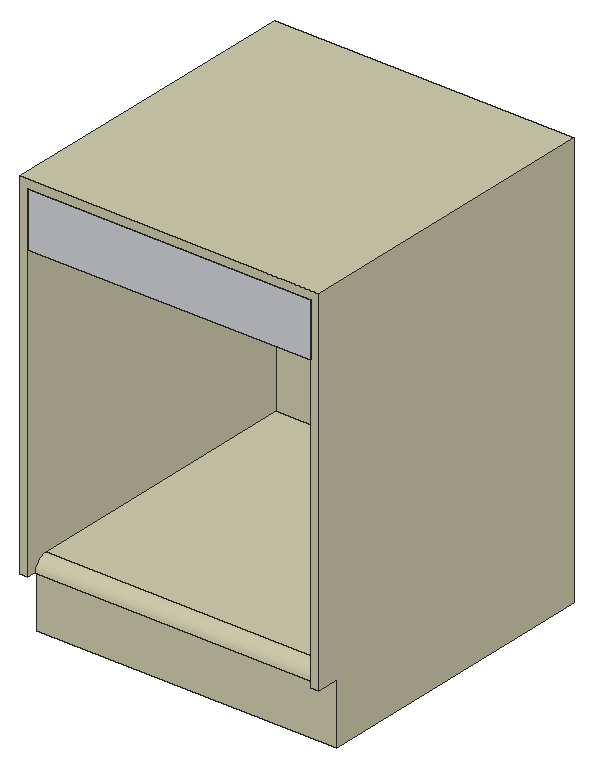
Revit family "Wenger Cabinet 53", category Furniture, Revit 2011
Parameters (values of type "Standard Cabinet #53")
  URL = "http://www.wengercorp.com/Home/Contact.html"
  Toekick Material [instance] = none
  RH End Panel [instance] = no
  Model = "53"
  Manufacturer = "Wenger Corporation"
  LH End Panel [instance] = no
  End Panel Material [instance] = none
  Edge Banding Material [instance] = none
  Door Material [instance] = none
  Description = "Standard Cabinet #53"
  Cabinet Width = 2' - 3 1/2"
  Cabinet Label = Labels : Standard
  Cabinet Height = 3' - 2 5/16"
  Cabinet Depth = 2' - 5 1/4"
  Cabinet Back Thickness = 0' - 0 3/4"
  Assembly Code = ""
Types (4): name | Model | Description | Cabinet Width | Cabinet Label | Cabinet Depth | Cabinet Back Thickness
  Standard Cabinet #53 | "53" | "Standard Cabinet #53" | 2' - 3 1/2" | Labels : Standard | 2' - 5 1/4" | 0' - 0 3/4"
  Acoustic Cabinet #53 | "53A" | "Acoustic Cabinet #53" | 2' - 3 1/2" | Labels : Acoustic | 2' - 7 3/4" | 0' - 3 1/4"
  Narrow Acoustic Cabinet #53 | "53NA" | "Narrow Acoustic Cabinet #53" | 1' - 9 1/2" | Labels : Narrow Acoustic | 2' - 7 3/4" | 0' - 3 1/4"
  Narrow Cabinet #53 | "53N" | "Narrow Cabinet #53" | 1' - 9 1/2" | Labels : Narrow | 2' - 5 1/4" | 0' - 0 3/4"
Reference planes (in)
  plane 1 "Front": y = 0
  plane 2: z = 0
  plane 3 "Left": x = 0
  plane 4 "Right": x = 27.5
  plane 5 "Back": y = 29.25
  plane 6 "Top": z = 38.3125
  plane 7: z = 5.625
  plane 8: x = 0.75
  plane 9: x = 26.75
  plane 10: z = 37.5625
  plane 11: y = 28.5
  plane 12: y = 2
  plane 13: y = 0.75
  plane 14: z = 32.5625
  plane 15: z = 6.75
Forms (in)
  Extrusion 1, solid, material "Wenger - Oyster"
    sketch origin (0, 0, 0) x (0, 1, 0) y (0, 0, 1)
      loop
        line (0, 38.3125) -> (0, 5.625) -> (2, 5.625) -> (2, 0) -> (29.25, 0) -> (29.25, 38.3125) -> (0, 38.3125)
    from 0 to 27.5
  Extrusion 2, void
    sketch origin (0, 0, 0) x (0, 1, 0) y (0, 0, 1)
      loop
        line (-5.5, 37.5625) -> (-5.5, 5.625) -> (0.75, 5.625)
        arc (0.75, 5.625) -> (1.18296, 6.40088) -> (2, 6.75) r 1.375
        line (2, 6.75) -> (28.5, 6.75) -> (28.5, 37.5625) -> (-5.5, 37.5625)
    from 0.75 to 26.75
  Extrusion 3, solid
    sketch origin (0, 0, 0) x (1, 0, 0) y (0, 0, 1)
      loop
        line (0.75, 37.5625) -> (0.75, 32.5625) -> (26.75, 32.5625) -> (26.75, 37.5625) -> (0.75, 37.5625)
    from 0 to -0.75
Cuts and joins
  Extrusion 2 cuts Extrusion 1
Lines and regions (in)
  symbolic lines
    curve 1: line (0, 29.25, 0) -> (27.5, 29.25, 0)
    curve 2: line (0, 0, 0) -> (0, 29.25, 0)
    curve 3: line (27.5, 0, 0) -> (0, 0, 0)
    curve 4: line (27.5, 29.25, 0) -> (27.5, 0, 0)
Dimensions and locks (in)
  locked: plane 3 "Left" to plane 8 at 0.75
  locked: plane 9 to plane 4 "Right" at 0.75
  "Cabinet Back Thickness": plane 5 "Back" to plane 11
  locked: plane 1 "Front" to plane 13 at 0.75
  locked: plane 1 "Front" to plane 12 at 2
  locked: plane 6 "Top" to plane 10 at 0.75
  plane 10 to plane 7 = 2' - 7 15/16"  (x2)
  locked: plane 15 to plane 7 at 1.125
  plane 9 to plane 3 "Left" = 2' - 2 3/4"
  "Cabinet Width": plane 3 "Left" to plane 4 "Right"
  locked: plane 7 to level at 5.625
  "Cabinet Height": plane 6 "Top" to level
  "Cabinet Depth": plane 1 "Front" to plane 5 "Back"
  plane 8 to plane 9 = 2' - 2"
  plane 10 to plane 14 = 0' - 5"
  aligned and locked: Extrusion 1 sketch curve to plane 6 "Top"
  aligned and locked: Extrusion 1 sketch curve to plane 5 "Back"
  aligned and locked: Extrusion 1 sketch curve to plane 1 "Front"
  aligned and locked: Extrusion 1 sketch curve to plane 7
  aligned and locked: Extrusion 1 sketch curve to plane 12
  aligned and locked: Extrusion 1 sketch curve to level
  aligned and locked: Extrusion 1 to plane 4 "Right"
  aligned and locked: Extrusion 1 to plane 3 "Left"
  aligned and locked: Extrusion 2 sketch curve to plane 10
  aligned and locked: Extrusion 2 sketch curve to plane 15
  aligned and locked: Extrusion 2 to plane 8
  aligned and locked: plane 3 "Left" to curve 2
  aligned and locked: curve 1 to plane 5 "Back"
  aligned and locked: plane 4 "Right" to curve 4
  aligned and locked: curve 3 to plane 1 "Front"
  aligned and locked: Extrusion 2 to plane 9
Automatic sketch dimensions
  Extrusion 2 sketch curve to plane 7 = 0' - 0"
  Extrusion 2 sketch curve to plane 13 = 0' - 0"
  Extrusion 2 sketch curve to plane 12 = 0' - 0"
  Extrusion 2 sketch curve to plane 11 = 0' - 0"
  plane 1 "Front" to Extrusion 2 sketch curve = 0' - 5 1/2"
  Extrusion 2 sketch curve to plane 12 = 0' - 0.10279"
  Extrusion 3 sketch curve to plane 8 = 0' - 0"
  plane 9 to Extrusion 3 sketch curve = 0' - 0"
  Extrusion 3 sketch curve to plane 14 = 0' - 0"
  Extrusion 3 sketch curve to plane 10 = 0' - 0"
Nested families (in)
  nested 1: "LH End Panel" at (0, 14.25, 0) x (0, -1, 0) z (0, 0, 1), End Panel Material <- "End Panel Material", visible <- "LH End Panel", Edge Banding Material <- "Edge Banding Material", type "20x84 LH"
    with End Panel Material none, Edge Banding Material none, End Panel Height 3' - 2 5/16", End Panel Depth 2' - 5 1/4"
  nested 2: "RH End Panel" at (28.25, 14.25, 0) x (0, -1, 0) z (0, 0, 1), End Panel Material <- "End Panel Material", visible <- "RH End Panel", Edge Banding Material <- "Edge Banding Material", type "20x84 RH"
    with End Panel Material none, Edge Banding Material none, End Panel Height 3' - 2 5/16", End Panel Depth 2' - 5 1/4"
  nested 3: "Labels" at (11.09076, 13.82308, 0), type <- "Cabinet Label", type "Standard"
  nested 4: "Front Note" at (13.75, 0.75, 0), type "Front Note", detail levels medium+fine
Definition of nested family "LH End Panel"
  Parameters (values of type "20x84 LH")
    End Panel Material [instance] = none
    End Panel Height = 7' - 1 5/8"
    End Panel Depth = 1' - 7 1/4"
    Edge Banding Material [instance] = none
    Default Elevation = 4' - 0"
    Assembly Code = ""
  Reference planes (in)
    plane 1 "Center (Front/Back)": y = 0
    plane 2: z = 0
    plane 3 "Center (Left/Right)": x = 0
    plane 4: x = -15
    plane 5: x = 4.25
    plane 6: z = 5.625
    plane 7: x = 2.25
    plane 8: z = 85.625
    plane 9: y = -0.75
  Forms (in)
    Extrusion 1, solid, material <- "End Panel Material"
      sketch origin (0, 0, 0) x (1, 0, 0) y (0, 0, 1)
        loop
          line (-15, 85.625) -> (-15, 0) -> (2.25, 0) -> (2.25, 5.625) -> (4.25, 5.625) -> (4.25, 85.625) -> (-15, 85.625)
      from 0 to 0.75
  Dimensions and locks (in)
    locked: plane 7 to plane 5 at 2
    locked: plane 6 to level at 5.625
    "End Panel Height": plane 8 to level
    "End Panel Depth": plane 5 to plane 4
    locked: plane 9 to plane 1 "Center (Front/Back)" at 0.75
    aligned and locked: plane 4 to Extrusion 1 sketch curve
    aligned and locked: level to Extrusion 1 sketch curve
    aligned and locked: plane 7 to Extrusion 1 sketch curve
    aligned and locked: plane 6 to Extrusion 1 sketch curve
    aligned and locked: Extrusion 1 sketch curve to plane 5
    aligned and locked: Extrusion 1 sketch curve to plane 8
    aligned and locked: Extrusion 1 to plane 9
    aligned and locked: Extrusion 1 to plane 1 "Center (Front/Back)"
Definition of nested family "RH End Panel"
  Parameters (values of type "20x84 RH")
    End Panel Material [instance] = none
    End Panel Height = 7' - 1 5/8"
    End Panel Depth = 1' - 7 1/4"
    Edge Banding Material [instance] = none
    Default Elevation = 4' - 0"
    Assembly Code = ""
  Reference planes (in)
    plane 1 "Center (Front/Back)": y = 0
    plane 2: z = 0
    plane 3 "Center (Left/Right)": x = 0
    plane 4: x = -15
    plane 5: x = 4.25
    plane 6: z = 5.625
    plane 7: x = 2.25
    plane 8: z = 85.625
    plane 9: y = -0.75
  Forms (in)
    Extrusion 1, solid, material <- "End Panel Material"
      sketch origin (0, 0, 0) x (1, 0, 0) y (0, 0, 1)
        loop
          line (-15, 85.625) -> (-15, 0) -> (2.25, 0) -> (2.25, 5.625) -> (4.25, 5.625) -> (4.25, 85.625) -> (-15, 85.625)
      from 0 to 0.75
  Dimensions and locks (in)
    locked: plane 7 to plane 5 at 2
    locked: plane 6 to level at 5.625
    "End Panel Height": plane 8 to level
    "End Panel Depth": plane 5 to plane 4
    locked: plane 9 to plane 1 "Center (Front/Back)" at 0.75
    aligned and locked: plane 4 to Extrusion 1 sketch curve
    aligned and locked: level to Extrusion 1 sketch curve
    aligned and locked: plane 7 to Extrusion 1 sketch curve
    aligned and locked: plane 6 to Extrusion 1 sketch curve
    aligned and locked: Extrusion 1 sketch curve to plane 5
    aligned and locked: Extrusion 1 sketch curve to plane 8
    aligned and locked: Extrusion 1 to plane 9
    aligned and locked: Extrusion 1 to plane 1 "Center (Front/Back)"
Definition of nested family "Labels"
  Parameters (values of type "Standard")
    Cabinet Label = "01"
  Types (4): name | Cabinet Label
    Standard | "01"
    Narrow | "01N"
    Narrow Acoustic | "01NA"
    Acoustic | "01A"
  Reference planes (in)
    plane 1: y = 0
    plane 2: x = 0
  Text (in)
    label "xxxx" at (-0.00018, 0.00754, 0), shows "Cabinet Label"
Definition of nested family "Front Note"
  Parameters (values of type "Front Note")
    Cabinet Label = "Front"
  Reference planes (in)
    plane 1: y = 0
    plane 2: x = 0
  Text (in)
    label "Front" at (-0.00018, 0.00754, 0), shows "Cabinet Label"
